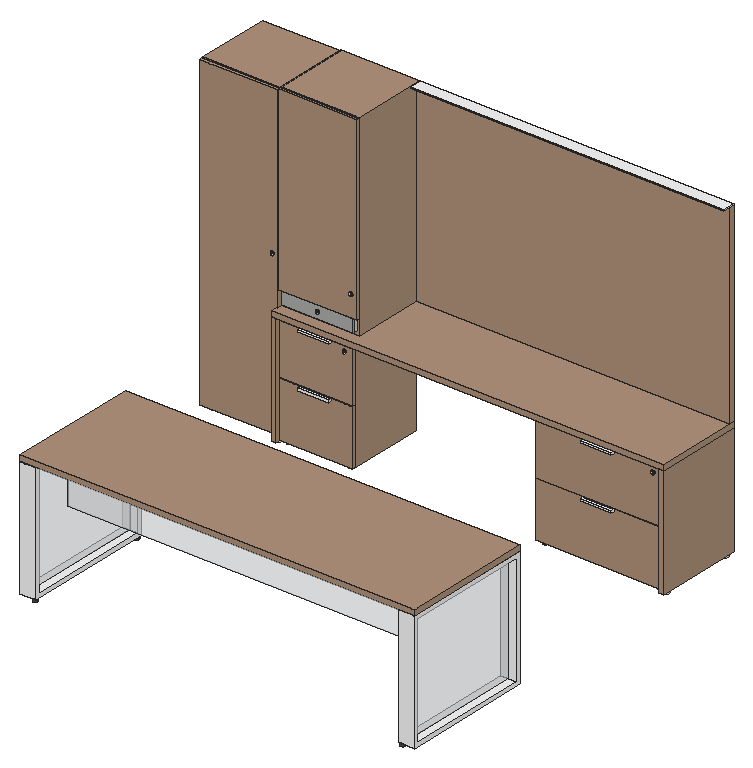
Revit family "Expansion_Casegoods-Private_Office_19-Teknion-R2019", category Furniture Systems, Revit 2019 (continued)
Definition of nested family "Storage-Mounted-Teknion-B_WPA-Wall_Panel-R2018"
  Types (6): name | Power Data Height Offset | Model | Mid-Height Mounting Style | Low Secondary Desk Mounting Style | High Secondary Desk Mounting Style | Description | Datum Height Note | Bottom of Wall Panel Height | Available Electrical Options | 1-9/16" Thick Standard Worksurface Mounting Style | 1-3/16" Thick Standard Worksurface Mounting Style | 1" Thick Standard Worksurface Mounting Style
    On 1-9/16" Thick Standard Worksurface | 0' - 1.258" | "BXWPA_____" | no | no | no | "Wall Panel, On 1-9/16\" Thick Standard Worksurface" | "Please choose one of the following options below. Bottom of Cubic Overhead Cabinet at 66 and Bottom of Cubic Overhead Cabinet mounted at 72 options not available" | 2' - 5.362" | "Choose between Power and Data Over Worksurface - Center, Power and Data Over Worksurface - Left, Power and Data Over Worksurface - Right, or No Power and Data." | yes | no | no
    Mid-Height Mounting Style | 0' - 3.48" | "BKWPA_____" | yes | no | no | "Wall Panel, Mid-Height Mounting Style" | "Select either 66 Datum Height or 72 Datum Height." | 1' - 9" | "Choose No Power and Data." | no | no | no
  Reference planes (in)
    plane 1 "Center F/B": y = 0
    plane 2 "Bottom of Panel": z = 26.972
    plane 3 "Center L/R": x = 0
    plane 4 "Left": x = -23.88
    plane 5 "Right": x = 23.88
    plane 6 "Back": y = 0.5
    plane 7 "Front": y = -0.5
    plane 8 "Top": z = 65.374
    plane 9: z = 0
    plane 10: z = 49.19018
    plane 11: z = 34.38
    plane 12: y = -0.98071
    plane 13 "Power/Data Offset": x = 0
    plane 14 "Power/Data Height Offset": z = 30.62
  Forms (in)
    Sweep 1, solid, material <- "Panel Finish"
      path origin (0, 0, 0) x (1, 0, 0) y (0, 1, 0)
        loop
          line (-23.88, 0) -> (23.88, 0)
      profile origin (0, 0, 0) x (0, 1, 0) y (0, 0, 1)
        loop
          line (0.5, 65.05904) -> (-0.5, 65.05904) -> (-0.5, 26.972) -> (0.5, 26.972) -> (0.5, 65.05904)
    Sweep 2, solid, material <- "Top and Accessory Rail Finish"
      path origin (0, 0, 0) x (1, 0, 0) y (0, 1, 0)
        loop
          line (-23.88, 0) -> (23.88, 0)
      profile origin (0, 0, 0) x (0, 1, 0) y (0, 0, 1)
        loop
          line (0.5, 65.374) -> (-2.2874, 65.374) -> (-2.2874, 65.05904) -> (0.5, 65.05904) -> (0.5, 65.374)
    Sweep 3, solid, material <- "Top and Accessory Rail Finish", visible <- "Has Accessory Rail"
      path origin (0, 0, -37.58062) x (1, 0, 0) y (0, 1, 0)
        loop
          line (-23.88, 0) -> (23.88, 0)
      profile origin (0, 0, -37.58062) x (0, 1, 0) y (0, 0, 1)
        loop
          line (-0.5, 72.19685) -> (-1.18504, 72.19685) -> (-1.18504, 72.09842) -> (-1.46063, 72.09842) -> (-1.46063, 71.2874) -> (-0.5, 71.2874) -> (-0.5, 72.19685)
    Sweep 4, solid, visible <- "Power/Data Visibility"
      path origin (0, 0, -27.56363) x (1, 0, 0) y (0, 1, 0)
        loop
          line (-7.48031, 0) -> (7.48031, 0)
      profile origin (0, 0, -27.56363) x (0, 1, 0) y (0, 0, 1)
        loop
          line (-0.7126, 60.8608) -> (-0.7126, 58.18363) -> (-0.5, 58.18363) -> (-0.5, 60.8608) -> (-0.7126, 60.8608)
    Sweep 5, solid, material <- "Tackboard Upholstery Finish", visible <- "Fabric/Felt Tackboard Visibility"
      path origin (0, 0, -16.37402) x (1, 0, 0) y (0, 1, 0)
        loop
          line (-23.88, 0) -> (23.88, 0)
      profile origin (0, 0, -16.37402) x (0, 1, 0) y (0, 0, 1)
        loop
          line (-1.18504, 50.99402) -> (-0.5, 50.99402) -> (-0.5, 81.43306) -> (-1.18504, 81.43306) -> (-1.18504, 50.99402)
    Extrusion 6, solid, visible <- "Power/Data Visibility"
      sketch origin (0, -0.5, -0.18961) x (1, 0, 0) y (0, 0, 1)
        loop
          line (-3.62205, 32.93944) -> (-6.92913, 32.93944) -> (-6.92913, 31.36464) -> (-3.62205, 31.36464) -> (-3.62205, 32.93944)
      from 0.2126 to 0.64961
    Extrusion 7, solid, visible <- "Power/Data Visibility"
      sketch origin (10.5, -0.5, -0.18961) x (1, 0, 0) y (0, 0, 1)
        loop
          line (-4.88976, 32.67969) -> (-4.88976, 31.6167) -> (-3.82677, 31.6167) -> (-3.82677, 32.67969) -> (-4.88976, 32.67969)
        loop
          line (-3.95276, 32.3982) -> (-3.95276, 32.49269) -> (-4.26772, 32.49269) -> (-4.26772, 32.3982) -> (-3.95276, 32.3982)
        loop
          arc (-4.54331, 32.05371) -> (-4.44882, 32.1482) -> (-4.54331, 32.24269) r 0.09449
          line (-4.54331, 32.24269) -> (-4.70079, 32.24269) -> (-4.70079, 32.05371) -> (-4.54331, 32.05371)
        loop
          line (-4.26772, 31.8982) -> (-4.26772, 31.80371) -> (-3.95276, 31.80371) -> (-3.95276, 31.8982) -> (-4.26772, 31.8982)
      from 0.2126 to 0.29291
    Extrusion 8, solid, visible <- "Power/Data Visibility"
      sketch origin (9.24016, -0.5, -0.18961) x (1, 0, 0) y (0, 0, 1)
        loop
          line (-4.88976, 32.67969) -> (-4.88976, 31.6167) -> (-3.82677, 31.6167) -> (-3.82677, 32.67969) -> (-4.88976, 32.67969)
        loop
          line (-3.95276, 32.3982) -> (-3.95276, 32.49269) -> (-4.26772, 32.49269) -> (-4.26772, 32.3982) -> (-3.95276, 32.3982)
        loop
          arc (-4.54331, 32.05371) -> (-4.44882, 32.1482) -> (-4.54331, 32.24269) r 0.09449
          line (-4.54331, 32.24269) -> (-4.70079, 32.24269) -> (-4.70079, 32.05371) -> (-4.54331, 32.05371)
        loop
          line (-4.26772, 31.8982) -> (-4.26772, 31.80371) -> (-3.95276, 31.80371) -> (-3.95276, 31.8982) -> (-4.26772, 31.8982)
      from 0.2126 to 0.29291
    Extrusion 9, solid, visible <- "Power/Data Visibility"
      sketch origin (7.98031, -0.5, -0.18961) x (1, 0, 0) y (0, 0, 1)
        loop
          line (-4.88976, 32.67969) -> (-4.88976, 31.6167) -> (-3.82677, 31.6167) -> (-3.82677, 32.67969) -> (-4.88976, 32.67969)
        loop
          line (-3.95276, 32.3982) -> (-3.95276, 32.49269) -> (-4.26772, 32.49269) -> (-4.26772, 32.3982) -> (-3.95276, 32.3982)
        loop
          arc (-4.54331, 32.05371) -> (-4.44882, 32.1482) -> (-4.54331, 32.24269) r 0.09449
          line (-4.54331, 32.24269) -> (-4.70079, 32.24269) -> (-4.70079, 32.05371) -> (-4.54331, 32.05371)
        loop
          line (-4.26772, 31.8982) -> (-4.26772, 31.80371) -> (-3.95276, 31.80371) -> (-3.95276, 31.8982) -> (-4.26772, 31.8982)
      from 0.2126 to 0.29291
    Extrusion 10, solid, visible <- "Power/Data Visibility"
      sketch origin (6.72047, -0.5, -0.18961) x (1, 0, 0) y (0, 0, 1)
        loop
          line (-4.88976, 32.67969) -> (-4.88976, 31.6167) -> (-3.82677, 31.6167) -> (-3.82677, 32.67969) -> (-4.88976, 32.67969)
        loop
          line (-3.95276, 32.3982) -> (-3.95276, 32.49269) -> (-4.26772, 32.49269) -> (-4.26772, 32.3982) -> (-3.95276, 32.3982)
        loop
          arc (-4.54331, 32.05371) -> (-4.44882, 32.1482) -> (-4.54331, 32.24269) r 0.09449
          line (-4.54331, 32.24269) -> (-4.70079, 32.24269) -> (-4.70079, 32.05371) -> (-4.54331, 32.05371)
        loop
          line (-4.26772, 31.8982) -> (-4.26772, 31.80371) -> (-3.95276, 31.80371) -> (-3.95276, 31.8982) -> (-4.26772, 31.8982)
      from 0.2126 to 0.29291
    Extrusion 11, solid, visible <- "Power/Data Visibility"
      sketch origin (4.25, -0.5, -0.18961) x (1, 0, 0) y (0, 0, 1)
        loop
          circle (-5.14568, 32.14822) r 0.1516
      from 0.2126 to 0.46457
    Sweep 12, solid, visible <- "Porcelain/Glass Markerboard Visibility"
      path origin (0, 0, 0) x (1, 0, 0) y (0, 1, 0)
        loop
          line (-23.88, 0) -> (23.88, 0)
      profile origin (0, 0, 0) x (0, 1, 0) y (0, 0, 1)
        loop
          line (-1.18504, 34.62) -> (-0.98071, 34.62) -> (-0.98071, 65.05904) -> (-1.18504, 65.05904) -> (-1.18504, 34.62)
    Sweep 13, solid, material <- "Glass Markerboard Finish", visible <- "Porcelain/Glass Markerboard Visibility"
      path origin (0, 0, 0) x (1, 0, 0) y (0, 1, 0)
        loop
          line (-23.88, 0) -> (23.88, 0)
      profile origin (0, 0, 0) x (0, 1, 0) y (0, 0, 1)
        loop
          line (-0.98071, 34.62) -> (-0.5, 34.62) -> (-0.5, 65.05904) -> (-0.98071, 65.05904) -> (-0.98071, 34.62)
    Extrusion 14, solid, material <- "Light Shelf Finish", visible <- "Has Light Shelf"
      sketch origin (-17.91, 0, -20.33308) x (0, 1, 0) y (0, 0, 1)
        loop
          line (-5.82638, 54.92869) -> (-5.82638, 54.69247) -> (-1.46063, 54.69247) -> (-1.46063, 54.85388) -> (-1.18071, 54.85388) -> (-1.18071, 54.92869) -> (-5.82638, 54.92869)
      from -5.97 to 41.79
  Lines and regions (in)
    Masking region 1
      outline origin (0, 0, 0) x (1, 0, 0) y (0, 1, 0)
        loop
          line (-23.88, 0.5) -> (-23.88, -2.2874) -> (23.88, -2.2874) -> (23.88, 0.5) -> (-23.88, 0.5)
    Masking region 2, visible <- "Has Light Shelf"
      outline origin (0, 0, 0) x (1, 0, 0) y (0, 1, 0)
        loop
          line (-23.88, -1.0855) -> (-23.88, -5.82638) -> (23.88, -5.82638) -> (23.88, -1.0855) -> (-23.88, -1.0855)
    symbolic lines, detail levels medium+fine
      curve 1: line (-23.88, -0.5, 0) -> (23.88, -0.5, 0)
    symbolic lines, detail levels fine
      curve 2: line (-23.88, -1.18504, 0) -> (23.88, -1.18504, 0)
    symbolic lines, visible <- "Power/Data Visibility", detail levels fine
      curve 3: line (-7.48031, -0.7126, 0) -> (7.48031, -0.7126, 0)
      curve 4: line (7.48031, -0.7126, 0) -> (7.48031, -0.5, 0)
      curve 5: line (7.48031, -0.5, 0) -> (-7.48031, -0.5, 0)
      curve 6: line (-7.48031, -0.5, 0) -> (-7.48031, -0.7126, 0)
      curve 7: line (1.83071, -0.7126, 0) -> (1.83071, -0.79291, 0)
      curve 8: line (1.83071, -0.79291, 0) -> (2.8937, -0.79291, 0)
      curve 9: line (2.8937, -0.79291, 0) -> (2.8937, -0.7126, 0)
      curve 10: line (3.09055, -0.7126, 0) -> (3.09055, -0.79291, 0)
      curve 11: line (3.09055, -0.79291, 0) -> (4.15354, -0.79291, 0)
      curve 12: line (4.35039, -0.79291, 0) -> (5.41339, -0.79291, 0)
      curve 13: line (5.61024, -0.79291, 0) -> (6.67323, -0.79291, 0)
      curve 14: line (6.67323, -0.79291, 0) -> (6.67323, -0.7126, 0)
      curve 15: line (-3.62205, -1.14961, 0) -> (-3.62205, -0.7126, 0)
      curve 16: line (-6.92913, -1.14961, 0) -> (-3.62205, -1.14961, 0)
      curve 17: line (-6.92913, -0.7126, 0) -> (-6.92913, -1.14961, 0)
    reference lines, not visible
      curve 18: line (23.88, -0.5, 0) -> (-23.88, -0.5, 0)
      curve 19: line (-23.88, 0.5, 0) -> (-23.88, -0.5, 0)
      curve 20: line (-23.88, 0.5, 0) -> (23.88, 0.5, 0)
      curve 21: line (23.88, 0.5, 0) -> (23.88, -0.5, 0)
  Dimensions and locks (in)
    equal spacing: plane 4 "Left", plane 3 "Center L/R", plane 5 "Right"
    equal spacing: plane 6 "Back", plane 1 "Center F/B", plane 7 "Front"
    locked: plane 6 "Back" to plane 7 "Front" at 1
    locked: plane 8 "Top" to Sweep 2 sketch curve at 0.31496
    locked: plane 6 "Back" to Sweep 2 sketch curve at 2.7874
    locked: plane 8 "Top" to Sweep 1 sketch curve at 0.31496
    "Actual Width": plane 4 "Left" to plane 5 "Right"
    locked: plane 7 "Front" to Sweep 3 sketch curve at 0.96063
    Sweep 4 sketch curve to Sweep 4 sketch curve to plane 14 "Power/Data Height Offset" = 0' - 2.67717" locked, 0' - 0" locked
    locked: plane 7 "Front" to Sweep 5 sketch curve at 0.68504
    Sweep 3 sketch curve to Sweep 3 sketch curve to plane 11 to Sweep 3 sketch curve = 0' - 0.09843" locked, 0' - 0.1378" locked, 0' - 0.67322" locked
    "Bottom of Wall Panel Height": plane 2 "Bottom of Panel" to plane 9
    "Actual Height": plane 8 "Top" to plane 9
    locked: plane 11 to level at 34.38
    plane 13 "Power/Data Offset" to Extrusion 6 sketch curve to Extrusion 6 sketch curve = 0' - 3.62205" locked, 0' - 3.30709" locked
    Extrusion 6 sketch curve to Extrusion 6 sketch curve to plane 14 "Power/Data Height Offset" = 0' - 1.5748" locked, 0' - 0.55502" locked
    Extrusion 7 sketch curve to Extrusion 7 sketch curve to plane 13 "Power/Data Offset" = 0' - 1.06299" locked, 0' - 5.61024" locked
    Extrusion 7 sketch curve to Extrusion 7 sketch curve to plane 14 "Power/Data Height Offset" = 0' - 1.06299" locked, 0' - 0.80709" locked
    Extrusion 7 sketch curve to Extrusion 7 sketch curve to Extrusion 7 sketch curve to Extrusion 7 sketch curve to Extrusion 7 sketch curve to Extrusion 7 sketch curve to Extrusion 7 sketch curve = 0' - 0.12598" locked, 0' - 0" locked, 0' - 0.31496" locked, 0' - 0" locked, 0' - 0.27559" locked, 0' - 0.15748" locked
    Extrusion 7 sketch curve to Extrusion 7 sketch curve to Extrusion 7 sketch curve to Extrusion 7 sketch curve to Extrusion 7 sketch curve to Extrusion 7 sketch curve to Extrusion 7 sketch curve to Extrusion 7 sketch curve = 0' - 0.18701" locked, 0' - 0.09449" locked, 0' - 0.15551" locked, 0' - 0.09449" locked, 0' - 0.09449" locked, 0' - 0.15551" locked, 0' - 0.09449" locked
    Extrusion 8 sketch curve to Extrusion 8 sketch curve to plane 13 "Power/Data Offset" = 0' - 1.06299" locked, 0' - 4.35039" locked
    Extrusion 8 sketch curve to Extrusion 8 sketch curve to plane 14 "Power/Data Height Offset" = 0' - 1.06299" locked, 0' - 0.80709" locked
    Extrusion 8 sketch curve to Extrusion 8 sketch curve to Extrusion 8 sketch curve to Extrusion 8 sketch curve to Extrusion 8 sketch curve to Extrusion 8 sketch curve to Extrusion 8 sketch curve = 0' - 0.12598" locked, 0' - 0" locked, 0' - 0.31496" locked, 0' - 0" locked, 0' - 0.27559" locked, 0' - 0.15748" locked
    Extrusion 8 sketch curve to Extrusion 8 sketch curve to Extrusion 8 sketch curve to Extrusion 8 sketch curve to Extrusion 8 sketch curve to Extrusion 8 sketch curve to Extrusion 8 sketch curve to Extrusion 8 sketch curve = 0' - 0.18701" locked, 0' - 0.09449" locked, 0' - 0.15551" locked, 0' - 0.09449" locked, 0' - 0.09449" locked, 0' - 0.15551" locked, 0' - 0.09449" locked
    Extrusion 9 sketch curve to Extrusion 9 sketch curve to plane 13 "Power/Data Offset" = 0' - 1.06299" locked, 0' - 3.09055" locked
    Extrusion 9 sketch curve to Extrusion 9 sketch curve to plane 14 "Power/Data Height Offset" = 0' - 1.06299" locked, 0' - 0.80709" locked
    Extrusion 9 sketch curve to Extrusion 9 sketch curve to Extrusion 9 sketch curve to Extrusion 9 sketch curve to Extrusion 9 sketch curve to Extrusion 9 sketch curve to Extrusion 9 sketch curve = 0' - 0.12598" locked, 0' - 0" locked, 0' - 0.31496" locked, 0' - 0" locked, 0' - 0.27559" locked, 0' - 0.15748" locked
    Extrusion 9 sketch curve to Extrusion 9 sketch curve to Extrusion 9 sketch curve to Extrusion 9 sketch curve to Extrusion 9 sketch curve to Extrusion 9 sketch curve to Extrusion 9 sketch curve to Extrusion 9 sketch curve = 0' - 0.18701" locked, 0' - 0.09449" locked, 0' - 0.15551" locked, 0' - 0.09449" locked, 0' - 0.09449" locked, 0' - 0.15551" locked, 0' - 0.09449" locked
    Extrusion 10 sketch curve to Extrusion 10 sketch curve to plane 13 "Power/Data Offset" = 0' - 1.06299" locked, 0' - 1.83071" locked
    Extrusion 10 sketch curve to Extrusion 10 sketch curve to plane 14 "Power/Data Height Offset" = 0' - 1.06299" locked, 0' - 0.80709" locked
    Extrusion 10 sketch curve to Extrusion 10 sketch curve to Extrusion 10 sketch curve to Extrusion 10 sketch curve to Extrusion 10 sketch curve to Extrusion 10 sketch curve to Extrusion 10 sketch curve = 0' - 0.12598" locked, 0' - 0" locked, 0' - 0.31496" locked, 0' - 0" locked, 0' - 0.27559" locked, 0' - 0.15748" locked
    Extrusion 10 sketch curve to Extrusion 10 sketch curve to Extrusion 10 sketch curve to Extrusion 10 sketch curve to Extrusion 10 sketch curve to Extrusion 10 sketch curve to Extrusion 10 sketch curve to Extrusion 10 sketch curve = 0' - 0.18701" locked, 0' - 0.09449" locked, 0' - 0.15551" locked, 0' - 0.09449" locked, 0' - 0.09449" locked, 0' - 0.15551" locked, 0' - 0.09449" locked
    locked: Extrusion 6 to plane 7 "Front" at 0.64961
    Extrusion 10 to Extrusion 9 to Extrusion 8 to Extrusion 7 to plane 7 "Front" = 0' - 0" locked, 0' - 0" locked, 0' - 0" locked, 0' - 0.29291" locked
    locked: plane 13 "Power/Data Offset" to Extrusion 11 sketch curve at 0.89568
    locked: Extrusion 11 sketch curve to plane 14 "Power/Data Height Offset" at 1.33861
    locked: Extrusion 11 to plane 7 "Front" at 0.46457
    "Tackboard Bottom Starting Offset": Sweep 5 sketch curve to level
    "Tackboard Bottom Starting Offset": Sweep 12 sketch curve to level
    locked: plane 1 "Center F/B" to plane 12 at 0.98071
    locked: plane 12 to Sweep 12 sketch curve at 0.20433
    "Tackboard Bottom Starting Offset": Sweep 13 sketch curve to level
    "Power/Data Plan View Offset": plane 4 "Left" to plane 13 "Power/Data Offset"
    Sweep 4 sketch curve to plane 13 "Power/Data Offset" to Sweep 4 sketch curve = 0' - 7.48031" locked, 0' - 7.48031" locked
    "Power Data Height Offset": plane 2 "Bottom of Panel" to plane 14 "Power/Data Height Offset"
    plane 12 to Extrusion 14 sketch curve to Extrusion 14 sketch curve to Extrusion 14 sketch curve = 0' - 0.2" locked, 0' - 0.27992" locked, 0' - 4.36575" locked
    Extrusion 14 sketch curve to plane 11 to Extrusion 14 sketch curve to Extrusion 14 sketch curve = 0' - 0.02062" locked, 0' - 0.1408" locked, 0' - 0.0748" locked
    aligned and locked: plane 5 "Right" to Sweep 1 sketch curve
    aligned and locked: plane 4 "Left" to Sweep 1 sketch curve
    aligned and locked: Sweep 1 sketch curve to plane 1 "Center F/B"
    aligned and locked: Sweep 1 sketch curve to plane 6 "Back"
    aligned and locked: Sweep 1 sketch curve to plane 7 "Front"
    aligned and locked: plane 2 "Bottom of Panel" to Sweep 1 sketch curve
    aligned and locked: Sweep 2 sketch curve to plane 6 "Back"
    aligned and locked: Sweep 2 sketch curve to plane 8 "Top"
    aligned and locked: Masking region 1 sketch curve to plane 6 "Back"
    aligned and locked: Masking region 1 sketch curve to plane 4 "Left"
    aligned and locked: Masking region 1 sketch curve to Sweep 2
    aligned and locked: Masking region 1 sketch curve to plane 5 "Right"
    aligned and locked: curve 1 to Sweep 1
    aligned and locked: Sweep 3 sketch curve to plane 7 "Front"
    aligned and locked: Sweep 4 sketch curve to plane 7 "Front"
    aligned and locked: plane 1 "Center F/B" to Sweep 4 sketch curve
    aligned and locked: Sweep 3 sketch curve to plane 1 "Center F/B"
    aligned and locked: plane 4 "Left" to Sweep 3 sketch curve
    aligned and locked: plane 5 "Right" to Sweep 3 sketch curve
    aligned and locked: plane 7 "Front" to Sweep 5 sketch curve
    aligned and locked: Sweep 5 sketch curve to plane 1 "Center F/B"
    aligned and locked: plane 5 "Right" to Sweep 5 sketch curve
    aligned and locked: plane 4 "Left" to Sweep 5 sketch curve
    aligned and locked: plane 4 "Left" to Sweep 2 sketch curve
    aligned and locked: plane 5 "Right" to Sweep 2 sketch curve
    aligned and locked: Sweep 2 sketch curve to plane 1 "Center F/B"
    aligned and locked: Extrusion 6 to Sweep 4
    aligned and locked: Extrusion 11 to Sweep 4
    aligned and locked: Extrusion 7 to Sweep 4
    aligned and locked: Extrusion 8 to Sweep 4
    aligned and locked: Extrusion 9 to Sweep 4
    aligned and locked: Extrusion 10 to Sweep 4
    aligned and locked: Sweep 5 to Sweep 4
    aligned and locked: Sweep 2 to Sweep 5 sketch curve
    aligned and locked: Sweep 12 sketch curve to Sweep 5
    aligned and locked: plane 5 "Right" to Sweep 12 sketch curve
    aligned and locked: plane 4 "Left" to Sweep 12 sketch curve
    aligned and locked: Sweep 12 sketch curve to plane 12
    aligned and locked: plane 7 "Front" to Sweep 13 sketch curve
    aligned and locked: Sweep 2 to Sweep 13 sketch curve
    aligned and locked: Sweep 13 sketch curve to plane 12
    aligned and locked: curve 2 to Sweep 12
    aligned and locked: curve 3 to Sweep 4
    aligned and locked: curve 4 to Sweep 4
    aligned and locked: curve 5 to Sweep 4
    aligned and locked: curve 6 to Sweep 4
    aligned and locked: curve 7 to Extrusion 10
    aligned and locked: curve 8 to Extrusion 10
    aligned and locked: curve 9 to Extrusion 10
    aligned and locked: curve 10 to Extrusion 9
    aligned and locked: curve 11 to Extrusion 9
    aligned and locked: curve 12 to Extrusion 8
    aligned and locked: curve 13 to Extrusion 7
    aligned and locked: curve 14 to Extrusion 7
    aligned and locked: curve 19 to plane 4 "Left"
    aligned and locked: curve 20 to plane 6 "Back"
    aligned and locked: curve 21 to plane 5 "Right"
    aligned and locked: curve 18 to plane 7 "Front"
    aligned and locked: Sweep 12 to nested 1
    aligned and locked: nested 1 to plane 3 "Center L/R"
    aligned and locked: nested 1 to Sweep 2
    aligned and locked: plane 4 "Left" to Extrusion 14
    aligned and locked: Extrusion 14 to plane 5 "Right"
  Automatic sketch dimensions
    plane 1 "Center F/B" to Sweep 12 sketch curve = 0' - 0"
    curve 2 to plane 4 "Left" = 0' - 0"
    curve 1 to plane 4 "Left" = 0' - 0"
    curve 1 to plane 5 "Right" = 0' - 0"
    curve 2 to plane 5 "Right" = 0' - 0"
    curve 10 to curve 11 = 0' - 1.06299"
    curve 11 to curve 12 = 0' - 0.19685"
    curve 12 to curve 12 = 0' - 1.06299"
    curve 12 to curve 13 = 0' - 0.19685"
    Sweep 3 sketch curve to Sweep 3 sketch curve = 0' - 0.27559"
    Sweep 4 sketch curve to Sweep 4 sketch curve = 0' - 0.2126"
    Sweep 13 sketch curve to plane 1 "Center F/B" = 0' - 0"
    Sweep 13 sketch curve to plane 4 "Left" = 0' - 0"
    Sweep 13 sketch curve to plane 5 "Right" = 0' - 0"
    curve 16 to plane 12 = 0' - 0.1689"
    curve 3 to curve 16 = 0' - 0.55118"
    curve 16 to curve 16 = 0' - 3.30709"
    Masking region 2 sketch curve to plane 4 "Left" = 0' - 0"
    Masking region 2 sketch curve to plane 5 "Right" = 0' - 0"
    Masking region 2 sketch curve to plane 12 = 0' - 4.84567"
    Masking region 2 sketch curve to plane 12 = 0' - 0.10479"
    radius of Extrusion 11 sketch curve = 0' - 0.1516"
  Nested families (in)
    nested 1: "Lighting-Teknion-BLED_Linear_LED_Light-R2018" at (0, -1.65748, -0.31496), visible <- "Has Linear LED Light", type <- "Linear LED Light Width Type", Height <- "Actual Height", type "48" Width"
      with Height 5' - 5.374"
  Definition of nested family "Lighting-Teknion-BLED_Linear_LED_Light-R2018"
    Parameters (values of type "48" Width")
      Width = 3' - 10.953"
      Wattage = 12.1178 W
      Warranty = "http://www.teknion.com/ca/papers/legal-canada"
      built-in parameter 1150110 = 1 (stored number, unit not read)
      URL = "www.teknion.com"
      built-in parameter 1114217 = 1 (stored number, unit not read)
      built-in parameter 1150109 = 1 (stored number, unit not read)
      built-in parameter 1150134 = (empty or 0)
      built-in parameter 1150113 = 1 (stored number, unit not read)
      Series = "Expansion Casegoods"  # constant formula
      Product Page URL = "https://www.teknion.com/ca/products/product-details?productLineId=0053336e-8e7a-673b-a6c8-ff00004460c4"
      Product Line = "Expansion Casegoods"  # constant formula
      Product Documentation Link = "https://www.teknion.com/pricing/expansion-casegoods/pdfs/BLED_ppg.pdf"
      Part Number = "BLED"  # constant formula
      Model = "BLED48"
      Manufacturer Phone = "416-661-3370"  # constant formula
      Manufacturer Fax = "416.661.4586"  # constant formula
      Manufacturer Contact Information = "http://www.teknion.com/ca/contactus"
      Manufacturer Address = "1150 Flint Road, Toronto, ON. M3J 2J5. Canada"  # constant formula
      Manufacturer = "Teknion"  # constant formula
      Lumens = 1800 lm
      built-in parameter 1150115 = 1 (stored number, unit not read)
      built-in parameter 1150105 = 572.96 (stored number, unit not read)
      Light Source Symbol Size = 2' - 0"
      built-in parameter 1150137 = (empty or 0)
      built-in parameter 1150139 = (empty or 0)
      built-in parameter 1150112 = 1 (stored number, unit not read)
      built-in parameter 1150114 = 1 (stored number, unit not read)
      built-in parameter 1150132 = 2
      built-in parameter 1150102 = (empty or 0)
      built-in parameter 1150138 = (empty or 0)
      built-in parameter 1150107 = 3000 (stored number, unit not read)
      built-in parameter 1150106 = 5.7296 (stored number, unit not read)
      Height [instance] = 4' - 6"
      Emit from Line Length = 3' - 10"
      built-in parameter 1150104 = 13.8 (stored number, unit not read)
      Dimming Lamp Color Temperature Shift = (empty or 0)
      Description = "Linear LED Light, 48\" Width"
      Color Filter = 16777215
      built-in parameter 1114218 = 1 (stored number, unit not read)
      built-in parameter 1150133 = 10 (stored number, unit not read)
    Types (4): name | Width | Model | Height | Emit from Line Length | Description
      (no name) | 3' - 10.953" | "BLED48" | 4' - 6" | 3' - 10" | "Linear LED Light, 48\" Width"
      24" Width | 1' - 10.953" | "BLED24" | 3' - 0" | 2' - 0" | "Linear LED Light, 24\" Width"
      36" Width | 2' - 10.953" | "BLED36" | 3' - 0" | 2' - 10" | "Linear LED Light, 36\" Width"
      48" Width | 3' - 10.953" | "BLED48" | 4' - 6" | 3' - 10" | "Linear LED Light, 48\" Width"
    Reference planes (in)
      plane 1 "Light Source Axis (F/B)": y = 0
      plane 2: z = 0
      plane 3 "Light Source Axis (L/R)": x = 0
      plane 4 "Light Source Elevation": z = 53.33465
      plane 5: z = 54
    Forms (in)
      Sweep 1, solid
        path origin (0, 0, 0) x (1, 0, 0) y (0, 1, 0)
          loop
            line (-23.4765, 0) -> (23.4765, 0)
        profile origin (0, 0, 0) x (0, 1, 0) y (0, 0, 1)
          loop
            line (0.47244, 54) -> (-0.47244, 54) -> (-0.47244, 53.33465) -> (0.47244, 53.33465) -> (0.47244, 54)
    Lines and regions (in)
      symbolic lines, detail levels medium+fine
        curve 1: line (-23.4765, 0.47244, 53.33465) -> (23.4765, 0.47244, 53.33465)
        curve 2: line (-23.4765, -0.47244, 53.33465) -> (-23.4765, 0.47244, 53.33465)
        curve 3: line (23.4765, -0.47244, 53.33465) -> (-23.4765, -0.47244, 53.33465)
        curve 4: line (23.4765, 0.47244, 53.33465) -> (23.4765, -0.47244, 53.33465)
    Dimensions and locks (in)
      "Height": plane 5 to level
      equal spacing: Sweep 1 sketch curve, plane 3 "Light Source Axis (L/R)", Sweep 1 sketch curve
      "Width": Sweep 1 sketch curve to Sweep 1 sketch curve
      Sweep 1 sketch curve to plane 4 "Light Source Elevation" to Sweep 1 sketch curve = 0' - 0" locked, 0' - 0.66535" locked
      Sweep 1 sketch curve to plane 1 "Light Source Axis (F/B)" to Sweep 1 sketch curve = 0' - 0.47244" locked, 0' - 0.47244" locked
      locked: plane 4 "Light Source Elevation" to plane 5 at 0.66535
      locked: plane 5 to imposter light at 0.66535
      aligned and locked: plane 3 "Light Source Axis (L/R)" to imposter light
      aligned and locked: plane 1 "Light Source Axis (F/B)" to imposter light
      aligned and locked: plane 4 "Light Source Elevation" to imposter light
      aligned and locked: level to plane 2
      aligned and locked: plane 1 "Light Source Axis (F/B)" to Sweep 1 sketch curve
      aligned and locked: curve 1 to Sweep 1
      aligned and locked: curve 2 to Sweep 1
      aligned and locked: curve 3 to Sweep 1
      aligned and locked: curve 4 to Sweep 1
Definition of nested family "Storage-Freestanding-Teknion-BFRL_Full_Solid_Door_Tower-R2018"
  Parameters (values of type "18"w x 66"h")
    Warranty = "http://www.teknion.com/ca/papers/legal-canada"
    Wardrobe [instance] = not(or(Shelves, File Drawers and Shelves))  # no
    To render please download texture images found here [instance] = "https://assets.teknion.com/web/5e81352c1dfdb467/revit-material-swatches/"
    Shelves [instance] = yes
    Unit Weight URL = "http://www.teknion.com/pricing/expansion-casegoods/pdfs/wv.pdf"
    URL = "http://www.teknion.com/"
    Top Shelf Height Offset [instance] = if(Height = 5' 6", 1' 2.906", 1' 4.986")  # 1' - 2.906"
    Sustainability Data = "http://www.teknion.com/about-teknion/environment/datasheets.asp"
    Series = "Expansion Casegoods"  # constant formula
    Product Page URL = "http://www.teknion.com/ca/products/product-details?productlineid=0053336e-8e7a-673b-a6c8-ff00004460c4"
    Product Line = "Expansion Casegoods"  # constant formula
    Product Documentation Link = "http://www.teknion.com/pricing/expansion-casegoods/pdfs/BFRL_ppg.pdf"
    Part Number = "BFRL"  # constant formula
    Note [instance] = "Available Depths are 18 and 24 inches."  # constant formula
    Model = "BFRL___1866_"
    Middle Shelf Visibility [instance] = or(File Drawers and Shelves, Shelves)  # yes
    Middle Shelf Height Offset [instance] = if(Height = 5' 6", 1' 2.846", 1' 4.927")  # 1' - 2.846"
    Manufacturer Phone = "416-661-3370"
    Manufacturer Fax = "416.661.4586"
    Manufacturer Contact Information = "http://www.teknion.com/ca/contactus"
    Manufacturer Address = "1150 Flint Road, Toronto, ON. M3J 2J5. Canada"
    Manufacturer = "Teknion"  # constant formula
    Lock Height Offset [instance] = if(Height = 6' 0", 2' 9.722", 2' 5.561")  # 2' - 5.561"
    How to Add Texture Images to your Revit Project [instance] = "https://assets.teknion.com/m/205dd0a49fa58060/original/How-to-add-a-Material-Library-and-Texture-Images-to-your-Revit-project.pdf"
    Height = 5' - 6"
    For Additional Finishes please visit [instance] = "https://assets.teknion.com/m/44a8009b046e5d47/original/Teknion_Materials_Library.zip"
    File Drawers and Shelves [instance] = no
    Door Front Finish [instance] = none
    Description = "Freestanding Tower with Full Solid Door, 18\"w, 66\"h"
    Depth [instance] = 1' - 6"
    Configurations Note [instance] = "Please select one of the following."  # constant formula
    Case Finish [instance] = none
    Bottom Shelf Visibility [instance] = or(Shelves)  # yes
    Assembly Code = "E2020200"
    Actual Height = if(Height = 5' 6", 5' 5.165", 5' 11.406")  # 5' - 5.165"
    Actual Depth [instance] = if(Depth = 1' 6", 1' 5.161", 1' 11.161")  # 1' - 5.161"
  Types (2): name | Top Shelf Height Offset | Model | Middle Shelf Height Offset | Lock Height Offset | Height | Description | Actual Height
    18"w x 66"h | 1' - 2.906" | "BFRL___1866_" | 1' - 2.846" | 2' - 5.561" | 5' - 6" | "Freestanding Tower with Full Solid Door, 18\"w, 66\"h" | 5' - 5.165"
    18"w x 72"h | 1' - 4.986" | "BFRL___1872_" | 1' - 4.927" | 2' - 9.722" | 6' - 0" | "Freestanding Tower with Full Solid Door, 18\"w, 72\"h" | 5' - 11.406"
  Reference planes (in)
    plane 1 "Center F/B": y = 0.37429
    plane 2: z = 0
    plane 3 "Center L/R": x = 0
    plane 4 "Left": x = -8.955
    plane 5 "Right": x = 8.955
    plane 6 "Back": y = 8.95479
    plane 7 "Front": y = -8.20621
    plane 8 "Top": z = 65.165
    plane 9: z = 32.5825
    plane 10: y = -8.344
    plane 11: y = -9.04479
    plane 12: x = -8.25421
    plane 13: z = 2.49213
    plane 14: x = 8.25421
    plane 15: z = 64.46421
    plane 16: y = 8.254
    plane 17: z = 49.55821
    plane 18: z = 48.85743
    plane 19: z = 33.66096
    plane 20: z = 32.96017
    plane 21: z = 18.11417
    plane 22: z = 17.41339
  Forms (in)
    Sweep 1, solid, material <- "Case Finish"
      path origin (0, 0.37429, 0) x (1, 0, 0) y (0, 0, 1)
        loop
          line (0, 0.60236) -> (0, 65.165)
      profile origin (0, 0.37429, 32.88368) x (-1, 0, 0) y (0, -1, 0)
        loop
          line (8.955, -8.5805) -> (8.955, 8.5805) -> (-8.955, 8.5805) -> (-8.955, -8.5805) -> (8.955, -8.5805)
    Sweep 2, solid
      path origin (0, -9, 0) x (1, 0, 0) y (0, 0, 1)
        loop
          line (0, 0.60236) -> (0, 0)
      profile origin (0, -9, 0.30118) x (0, -1, 0) y (1, 0, 0)
        loop
          circle (-1.34556, -6.99292) r 0.5
        loop
          circle (-1.34556, 6.99292) r 0.5
        loop
          circle (-16.65862, -6.99292) r 0.5
        loop
          circle (-16.65862, 6.99292) r 0.5
    Extrusion 3, solid, material <- "Door Front Finish"
      sketch origin (-8.955, -9.04479, 48) x (-1, 0, 0) y (0, 0, 1)
        loop
          line (0, -47.27953) -> (0, 17.04689) -> (-17.91, 17.04689) -> (-17.91, -47.27953) -> (0, -47.27953)
      from 0 to 0.70079
    Extrusion 4, void
      sketch origin (-8.955, -8.344, 48) x (1, 0, 0) y (0, 0, 1)
        loop
          line (0.70079, -45.50787) -> (17.20921, -45.50787) -> (17.20921, 16.46421) -> (0.70079, 16.46421) -> (0.70079, -45.50787)
      from -16.59801 to -0.1378
    Extrusion 5, solid, material <- "Case Finish"
      sketch origin (-8.955, -8.344, 48) x (-1, 0, 0) y (0, 0, 1)
        loop
          line (-17.20921, 1.55821) -> (-17.20921, 0.85743) -> (-0.70079, 0.85743) -> (-0.70079, 1.55821) -> (-17.20921, 1.55821)
      from 0.1378 to 16.59801
    Extrusion 6, solid, material <- "Case Finish", visible <- "Middle Shelf Visibility"
      sketch origin (-15.16421, -8.344, 31.00849) x (-1, 0, 0) y (0, 0, 1)
        loop
          line (-23.41843, 2.65247) -> (-23.41843, 1.95168) -> (-6.91, 1.95168) -> (-6.91, 2.65247) -> (-23.41843, 2.65247)
      from 0.1378 to 16.59801
    Extrusion 7, solid, material <- "Case Finish", visible <- "Bottom Shelf Visibility"
      sketch origin (-8.955, -8.344, 16.55496) x (-1, 0, 0) y (0, 0, 1)
        loop
          line (-17.20921, 1.55921) -> (-17.20921, 0.85843) -> (-0.70079, 0.85843) -> (-0.70079, 1.55921) -> (-17.20921, 1.55921)
      from 0.1378 to 16.59801
    Extrusion 8, solid
      sketch origin (-8.5613, -9.04479, 48) x (-1, 0, 0) y (0, 0, 1)
        loop
          line (-16.22693, -12.396) -> (-16.22693, -12.77002) -> (-16.1285, -12.77002) -> (-16.1285, -12.396) -> (-16.22693, -12.396)
        loop
          circle (-16.17772, -12.58301) r 0.4
      from 0 to -0.05906
    Extrusion 9, solid, visible <- "File Drawers and Shelves"
      sketch origin (-8.5613, -9.18589, 48) x (-1, 0, 0) y (0, 0, 1)
        loop
          line (-0.30709, -30.58661) -> (-0.30709, -18.58661) -> (-16.81551, -18.58661) -> (-16.81551, -30.58661) -> (-0.30709, -30.58661)
        loop
          line (-0.30709, -44.08661) -> (-0.30709, -32.08661) -> (-16.81551, -32.08661) -> (-16.81551, -44.08661) -> (-0.30709, -44.08661)
      from 0.97969 to 1.68069
  Cuts and joins
    Extrusion 4 cuts Sweep 1
  Lines and regions (in)
    Masking region 1
      outline origin (0, 0, 65.165) x (-1, 0, 0) y (0, -1, 0)
        loop
          line (8.955, -8.95479) -> (8.955, 8.20621) -> (-8.955, 8.20621) -> (-8.955, -8.95479) -> (8.955, -8.95479)
    Masking region 2
      outline origin (0, 0, 0) x (1, 0, 0) y (0, 1, 0)
        loop
          line (-8.955, -8.344) -> (-8.955, -9.04479) -> (8.955, -9.04479) -> (8.955, -8.344) -> (-8.955, -8.344)
    symbolic lines
      curve 1: line (8.89594, 0.37429, 65.04689) -> (-8.89595, 0.37429, 32.5825)
      curve 2: line (-8.89595, 0.37429, 32.5825) -> (8.89594, 0.37429, 1.5748)
    symbolic lines, detail levels medium+fine
      curve 3: line (8.5613, -8.344, 0) -> (8.5613, -9.04479, 0)
      curve 15: line (8.25421, 8.254, 0) -> (-8.25421, 8.254, 0)
      curve 16: line (8.25421, -8.20621, 0) -> (8.25421, 8.254, 0)
      curve 17: line (-8.25421, 8.254, 0) -> (-8.25421, -8.20621, 0)
    symbolic lines, detail levels fine
      curve 4: line (7.21642, -9.10385, 0) -> (8.01642, -9.10385, 0)
      curve 5: line (8.01642, -9.10385, 0) -> (8.01642, -9.04479, 0)
      curve 6: line (7.21642, -9.10385, 0) -> (7.21642, -9.04479, 0)
      curve 7: arc (-6.99292, -8.15444, 0) -> (-6.49292, -7.65444, 0) -> (-6.99292, -7.15444, 0) r 0.5
      curve 8: arc (-6.99292, -7.15444, 0) -> (-7.49292, -7.65444, 0) -> (-6.99292, -8.15444, 0) r 0.5
      curve 9: arc (6.99292, -8.15444, 0) -> (7.49292, -7.65444, 0) -> (6.99292, -7.15444, 0) r 0.5
      curve 10: arc (6.99292, -7.15444, 0) -> (6.49292, -7.65444, 0) -> (6.99292, -8.15444, 0) r 0.5
      curve 11: arc (6.99292, 7.15862, 0) -> (7.49292, 7.65862, 0) -> (6.99292, 8.15862, 0) r 0.5
      curve 12: arc (6.99292, 8.15862, 0) -> (6.49292, 7.65862, 0) -> (6.99292, 7.15862, 0) r 0.5
      curve 13: arc (-6.99292, 7.15862, 0) -> (-6.49292, 7.65862, 0) -> (-6.99292, 8.15862, 0) r 0.5
      curve 14: arc (-6.99292, 8.15862, 0) -> (-7.49292, 7.65862, 0) -> (-6.99292, 7.15862, 0) r 0.5
    symbolic lines, visible <- "File Drawers and Shelves", detail levels fine
      curve 18: line (8.25421, -7.50521, 0) -> (-8.25421, -7.50521, 0)
  Dimensions and locks (in)
    equal spacing: plane 4 "Left", plane 3 "Center L/R", plane 5 "Right"
    locked: plane 4 "Left" to plane 5 "Right" at 17.91
    equal spacing: plane 6 "Back", plane 1 "Center F/B", plane 7 "Front"
    "Actual Height": plane 8 "Top" to plane 2
    locked: Sweep 1 sketch curve to plane 2 at 0.60236
    locked: plane 4 "Left" to Sweep 2 sketch curve at 1.96208  (x2)
    locked: plane 7 "Front" to Sweep 2 sketch curve at 0.55177  (x2)
    locked: Sweep 2 sketch curve to plane 2 at 0.60236
    equal spacing: plane 8 "Top", plane 9, plane 2
    locked: plane 6 "Back" to Sweep 2 sketch curve at 1.29617  (x2)
    locked: Sweep 2 sketch curve to plane 5 "Right" at 1.96208  (x2)
    locked: plane 7 "Front" to plane 10 at 0.1378
    locked: plane 10 to plane 11 at 0.70079
    locked: Extrusion 3 sketch curve to plane 2 at 0.72047
    locked: plane 8 "Top" to plane 15 at 0.70079
    locked: plane 12 to plane 4 "Left" at 0.70079
    locked: plane 14 to plane 5 "Right" at 0.70079
    locked: plane 13 to plane 2 at 2.49213
    locked: plane 6 "Back" to plane 16 at 0.70079
    locked: plane 17 to plane 18 at 0.70079
    locked: plane 19 to plane 20 at 0.70079
    "Middle Shelf Height Offset": plane 20 to plane 21
    locked: plane 21 to plane 22 at 0.70079
    locked: plane 22 to plane 13 at 14.92126
    "Top Shelf Height Offset": plane 15 to plane 17
    Extrusion 8 sketch curve to Extrusion 8 sketch curve to Extrusion 8 sketch curve = 0' - 0.18701" locked, 0' - 0.18701" locked
    "Lock Height Offset": plane 8 "Top" to Extrusion 8 sketch curve
    "Actual Depth": plane 6 "Back" to plane 7 "Front"
    curve 6 to curve 5 to plane 5 "Right" = 0' - 0.8" locked, 0' - 0.93858" locked
    locked: plane 8 "Top" to Extrusion 3 sketch curve at 0.11811
    locked: Extrusion 8 to plane 11 at 0.05906
    locked: Extrusion 9 sketch curve to plane 2 at 3.91339
    locked: plane 22 to Extrusion 9 sketch curve at 1.5
    locked: plane 20 to Extrusion 9 sketch curve at 3.54679
    locked: Extrusion 9 to plane 7 "Front" at 0.701
    aligned and locked: level to plane 2
    aligned and locked: Masking region 1 sketch curve to plane 5 "Right"
    aligned and locked: plane 4 "Left" to Masking region 1 sketch curve
    aligned and locked: plane 8 "Top" to Sweep 1 sketch curve
    aligned and locked: plane 3 "Center L/R" to Sweep 1 sketch curve
    aligned and locked: plane 4 "Left" to Sweep 1 sketch curve
    aligned and locked: Sweep 1 sketch curve to plane 5 "Right"
    aligned and locked: plane 2 to Sweep 2 sketch curve
    aligned and locked: nested 1 to plane 3 "Center L/R"
    aligned and locked: nested 1 to plane 7 "Front"
    aligned and locked: plane 9 to curve 2
    aligned and locked: Masking region 1 sketch curve to Sweep 1  (x2)
    aligned and locked: plane 4 "Left" to Extrusion 3 sketch curve
    aligned and locked: plane 10 to Extrusion 3
    aligned and locked: Extrusion 3 to plane 11
    aligned and locked: Extrusion 3 sketch curve to plane 5 "Right"
    aligned and locked: Extrusion 4 sketch curve to plane 13
    aligned and locked: Extrusion 4 sketch curve to plane 12
    aligned and locked: Extrusion 4 sketch curve to plane 15
    aligned and locked: plane 14 to Extrusion 4 sketch curve
    aligned and locked: plane 16 to Extrusion 4
    aligned and locked: plane 7 "Front" to Extrusion 4
    aligned and locked: plane 17 to Extrusion 5 sketch curve
    aligned and locked: plane 18 to Extrusion 5 sketch curve
    aligned and locked: plane 12 to Extrusion 5 sketch curve
    aligned and locked: Extrusion 5 sketch curve to plane 14
    aligned and locked: plane 16 to Extrusion 5
    aligned and locked: Extrusion 6 to plane 19
    aligned and locked: plane 20 to Extrusion 6
    aligned and locked: Extrusion 7 to plane 21
    aligned and locked: plane 22 to Extrusion 7
    aligned and locked: Extrusion 7 to plane 12
    aligned and locked: Extrusion 7 to plane 14
    aligned and locked: Extrusion 6 to plane 12
    aligned and locked: Extrusion 6 to plane 14
    aligned and locked: Sweep 1 sketch curve to plane 6 "Back"
    aligned and locked: Sweep 1 sketch curve to plane 7 "Front"
    aligned and locked: plane 16 to Extrusion 6
    aligned and locked: plane 16 to Extrusion 7
    aligned and locked: Masking region 2 sketch curve to plane 4 "Left"
    aligned and locked: Masking region 2 sketch curve to plane 10
    aligned and locked: Masking region 2 sketch curve to plane 11
    aligned and locked: plane 5 "Right" to Masking region 2 sketch curve
    aligned and locked: curve 4 to Extrusion 8
    aligned and locked: curve 7 to Sweep 2
    aligned and locked: curve 8 to Sweep 2
    aligned and locked: curve 9 to Sweep 2
    aligned and locked: curve 10 to Sweep 2
    aligned and locked: curve 11 to Sweep 2
    aligned and locked: curve 12 to Sweep 2
    aligned and locked: curve 13 to Sweep 2
    aligned and locked: curve 14 to Sweep 2
    aligned and locked: plane 7 "Front" to Extrusion 5
    aligned and locked: plane 7 "Front" to Extrusion 6
    aligned and locked: plane 7 "Front" to Extrusion 7
    aligned and locked: plane 11 to Extrusion 8
    aligned and locked: plane 22 to Extrusion 9 sketch curve
    aligned and locked: Extrusion 9 sketch curve to plane 14  (x2)
    aligned and locked: Extrusion 9 sketch curve to plane 12  (x2)
    aligned and locked: plane 7 "Front" to Extrusion 9
  Automatic sketch dimensions
    plane 4 "Left" to curve 1 = 0' - 0.05905"
    curve 2 to plane 5 "Right" = 0' - 0.05906"
    curve 1 to plane 5 "Right" = 0' - 0.05906"
    curve 2 to plane 13 = 0' - 0.91732"
    curve 1 to plane 8 "Top" = 0' - 0.11811"
    Sweep 2 sketch curve to plane 3 "Center L/R" = 0' - 0"
    Extrusion 6 sketch curve to plane 14 = 0' - 0"
    Extrusion 6 sketch curve to plane 12 = 0' - 0"
    plane 20 to Extrusion 6 sketch curve = 0' - 0"
    Extrusion 6 sketch curve to plane 19 = 0' - 0"
    Extrusion 7 sketch curve to plane 14 = 0' - 0"
    Extrusion 7 sketch curve to plane 12 = 0' - 0"
    plane 22 to Extrusion 7 sketch curve = 0' - 0"
    Extrusion 7 sketch curve to plane 21 = 0' - 0"
    plane 14 to Extrusion 8 sketch curve = 0' - 0.58858"
    Extrusion 8 sketch curve to Extrusion 8 sketch curve = 0' - 0.04921"
    Extrusion 8 sketch curve to Extrusion 8 sketch curve = 0' - 0.09843"
    curve 3 to plane 11 = 0' - 0"
    curve 3 to plane 10 = 0' - 0"
    plane 7 "Front" to curve 16 = 0' - 0"
    plane 7 "Front" to curve 17 = 0' - 0"
    curve 17 to plane 12 = 0' - 0"
    curve 15 to plane 14 = 0' - 0"
    curve 16 to plane 16 = 0' - 0"
    curve 3 to plane 14 = 0' - 0.30709"
    curve 4 to curve 6 = 0' - 0.05906"
    curve 4 to curve 5 = 0' - 0.05906"
    curve 18 to plane 7 "Front" = 0' - 0.701"
    radius of Sweep 2 sketch curve = 0' - 0 1/2"  (x4)
    radius of Extrusion 8 sketch curve = 0' - 0.4"
  Nested families (in)
    nested 1: "Door-Swing_Symbol-Teknion-2D" at (0, -8.20621, 0) x (-1, 0, 0) z (0, 0, 1), type "Door-Swing_Symbol-Teknion-2D", detail levels fine
      with Swing Width 1' - 5.91"
  Definition of nested family "Door-Swing_Symbol-Teknion-2D"
    Parameters
      Swing Width = 2' - 2"
    Reference planes (in)
      plane 1 "Center (Front/Back)": y = 0
      plane 2: z = 0
      plane 3 "Center (Left/Right)": x = 0
      plane 4: x = -13
      plane 5: x = 13
    Lines and regions (in)
      detail lines, in view "Ref. Level"
        curve 1: line (13, 0, 0) -> (13, -26, 0)
        curve 2: arc (-13, 0, 0) -> (-5.38478, -18.38478, 0) -> (13, -26, 0) r 26
    Dimensions and locks (in)
      equal spacing: plane 4, plane 3 "Center (Left/Right)", plane 5
      "Swing Width": plane 4 to plane 5
      "Swing Width": curve 1 to plane 1 "Center (Front/Back)"
      "Swing Width": radius of curve 2
      aligned and locked: plane 1 "Center (Front/Back)" to curve 1
    Automatic sketch dimensions
      curve 2 to plane 4 = 0' - 0"
